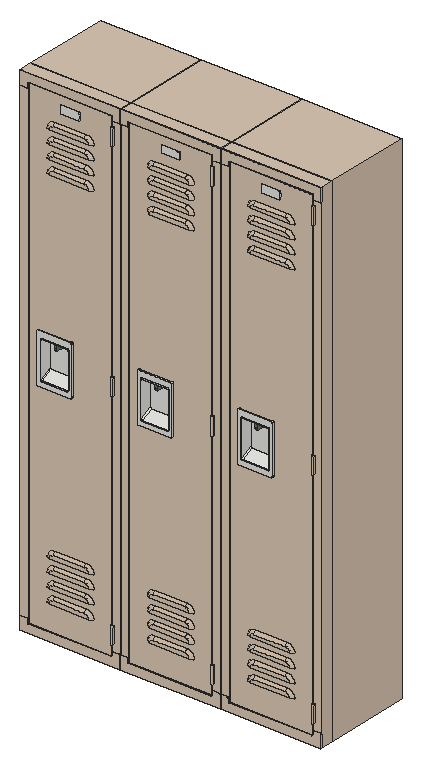
Revit family "Locker_SalsburyInd_Metal-1-Tier-Triple", category Specialty Equipment, Revit 2022 (continued)
Definition of nested family "ML_Front Base"
  Reference planes (in)
    plane 4 "Floor": z = 0
    plane 5 "Top of Enclosure": z = 6
    plane 6 "Front of Enclosure": y = -6.005
    plane 7 "Right Side of Enclosure": x = 5
    plane 8 "Left Side of Enclosure": x = -5
    plane 9 "Back of Enclosure": y = -4.82
  Forms (in)
    Extrusion 1, solid, material <- "Finish", visible <- "Visible"
      sketch origin (0, -6.005, 0) x (1, 0, 0) y (0, 0, 1)
        loop
          line (-5, 6) -> (-5, 0) -> (5, 0) -> (5, 6) -> (-5, 6)
      from -1.185 to 0
  Dimensions and locks (in)
    "Height": plane 5 "Top of Enclosure" to plane 4 "Floor"
    plane 6 "Front of Enclosure" to plane 1 "Center (Front/Back)" = 0.588"
    "Depth": plane 6 "Front of Enclosure" to plane 9 "Back of Enclosure"
    equal spacing: plane 8 "Left Side of Enclosure", plane 3 "Center (Left/Right)", plane 7 "Right Side of Enclosure"
    "Width": plane 8 "Left Side of Enclosure" to plane 7 "Right Side of Enclosure"
    aligned and locked: level to plane 2
    aligned and locked: Extrusion 1 to plane 7 "Right Side of Enclosure"
  Automatic sketch dimensions
    Extrusion 1 sketch curve to Extrusion 1 sketch curve = 10.000"
    Extrusion 1 sketch curve to Extrusion 1 sketch curve = 6.000"
    Extrusion 1 sketch curve to level = 0.000"
    plane 8 "Left Side of Enclosure" to Extrusion 1 sketch curve = 0.000"
Definition of nested family "ML_Base Type"
  Parameters (values of type "No Legs")
    Zee = no
    Width [instance] = 12.000"
    Version = "1.0 (11/30/15)"
    Type Comments = "No Legs"
    Model = "n/a"
    MasterFormat Title = ""
    MasterFormat Number = ""
    Manufacturer = "Salsbury Industries"
    Legs = no
    Finish [instance] = none
    Description = ""
    Depth [instance] = 12.010"
    Default Elevation = 0.000"
    Assembly Code = ""
  Types (3): name | Zee | Width | Legs
    No Legs | no | 12.000" | no
    Legs | no | 12.040" | yes
    Zee | yes | 12.040" | no
  Reference planes (in)
    plane 1 "Center (Front/Back)": y = 0
    plane 2: z = 0
    plane 3 "Center (Left/Right)": x = 0
    plane 4 "Floor": z = 0
    plane 5 "Left Side of Unit": x = -6
    plane 6 "Right Side of Unit": x = 6
    plane 7 "Back of Unit": y = 6.005
    plane 8 "Front of Unit": y = -6.005
    plane 9 "Right Side of Door Opening": x = 5.12
    plane 10 "Left Side of Door Opening": x = -5.12
    plane 11 "Back Edge of Front Facing": y = -4.417
    plane 12 "Inside Edge of Front Leg": x = -4.56
    plane 13 "Inside Edge of Right Leg": x = 4.56
    plane 14: y = -4.82
    plane 15 "Back Edge of Rear Legs": y = 6.005
    plane 16 "Right Edge of Rear Right Leg": x = 6
    plane 17 "Left Edge or Rear Left Leg": x = -6
    plane 18: y = 5.005
    plane 19 "Inside Edge or Rear Right Leg": x = 5
    plane 20 "Inside Edge or Left Rear Leg": x = -5
  Forms (in)
    Extrusion 1, solid, material <- "Finish", visible <- "Legs"
      sketch origin (0, 0, 0) x (0, -1, 0) y (1, 0, 0)
        loop
          line (4.417, 6) -> (4.417, 5.94) -> (5.945, 5.94) -> (5.945, 5.06) -> (4.76, 5.06) -> (4.76, 4.56) -> (4.82, 4.56) -> (4.82, 5) -> (6.005, 5) -> (6.005, 6) -> (4.417, 6)
      from 0 to 6
    Extrusion 2, solid, material <- "Finish", visible <- "Legs"
      sketch origin (0, 0, 0) x (0, -1, 0) y (1, 0, 0)
        loop
          line (4.417, -6) -> (6.005, -6) -> (6.005, -5) -> (4.82, -5) -> (4.82, -4.56) -> (4.76, -4.56) -> (4.76, -5.06) -> (5.945, -5.06) -> (5.945, -5.94) -> (4.417, -5.94) -> (4.417, -6)
      from 0 to 6
    Extrusion 3, solid, material <- "Finish", visible <- "Legs"
      sketch origin (0, 0, 0) x (0, -1, 0) y (1, 0, 0)
        loop
          line (-6.005, 6) -> (-6.005, 5) -> (-5.945, 5) -> (-5.945, 5.94) -> (-5.005, 5.94) -> (-5.005, 6) -> (-6.005, 6)
      from 0.06 to 6.185
    Extrusion 4, solid, material <- "Finish", visible <- "Zee"
      sketch origin (0, 0, 0) x (0, -1, 0) y (1, 0, 0)
        loop
          line (-6.005, 6) -> (-6.005, 5) -> (-5.005, 5) -> (-5.005, 6) -> (-6.005, 6)
      from 0 to 0.06
    Extrusion 5, solid, material <- "Finish", visible <- "Legs"
      sketch origin (0, 0, 0) x (0, -1, 0) y (1, 0, 0)
        loop
          line (-6.005, -6) -> (-5.005, -6) -> (-5.005, -5.94) -> (-5.945, -5.94) -> (-5.945, -5) -> (-6.005, -5) -> (-6.005, -6)
      from 0.06 to 6.185
    Extrusion 6, solid, material <- "Finish", visible <- "Zee"
      sketch origin (0, 0, 0) x (0, -1, 0) y (1, 0, 0)
        loop
          line (-6.005, -6) -> (-5.005, -6) -> (-5.005, -5) -> (-6.005, -5) -> (-6.005, -6)
      from 0 to 0.06
    Extrusion 7, solid, material <- "Finish", visible <- "Zee"
      sketch origin (0, 0, 0) x (0, -1, 0) y (1, 0, 0)
        loop
          line (-6.005, 6) -> (-6.005, 5) -> (-5.945, 5) -> (-5.945, 5.94) -> (-5.005, 5.94) -> (-5.005, 6) -> (-6.005, 6)
      from 0.06 to 4.185
    Extrusion 8, solid, material <- "Finish", visible <- "Legs"
      sketch origin (0, 0, 0) x (0, -1, 0) y (1, 0, 0)
        loop
          line (-6.005, 6) -> (-6.005, 5) -> (-5.005, 5) -> (-5.005, 6) -> (-6.005, 6)
      from 0 to 0.06
    Extrusion 9, solid, material <- "Finish", visible <- "Zee"
      sketch origin (0, 0, 0) x (0, -1, 0) y (1, 0, 0)
        loop
          line (-6.005, -6) -> (-5.005, -6) -> (-5.005, -5.94) -> (-5.945, -5.94) -> (-5.945, -5) -> (-6.005, -5) -> (-6.005, -6)
      from 0.06 to 4.185
    Extrusion 10, solid, material <- "Finish", visible <- "Legs"
      sketch origin (0, 0, 0) x (0, -1, 0) y (1, 0, 0)
        loop
          line (-6.005, -6) -> (-5.005, -6) -> (-5.005, -5) -> (-6.005, -5) -> (-6.005, -6)
      from 0 to 0.06
    Extrusion 11, solid, material <- "Finish", visible <- "Zee"
      sketch origin (0, 0, 0) x (0, 1, 0) y (0, 0, 1)
        loop
          line (-6.005, 4) -> (-6.005, 3.94) -> (-4.417, 3.94) -> (-4.417, 0) -> (-2.769, 0) -> (-2.769, 0.06) -> (-4.357, 0.06) -> (-4.357, 4) -> (-6.005, 4)
      from -6 to 6
  Dimensions and locks (in)
    equal spacing: plane 5 "Left Side of Unit", plane 3 "Center (Left/Right)", plane 6 "Right Side of Unit"
    "Width": plane 5 "Left Side of Unit" to plane 6 "Right Side of Unit"
    equal spacing: plane 8 "Front of Unit", plane 1 "Center (Front/Back)", plane 7 "Back of Unit"
    "Depth": plane 8 "Front of Unit" to plane 7 "Back of Unit"
    plane 5 "Left Side of Unit" to plane 10 "Left Side of Door Opening" = 0.880"
    plane 9 "Right Side of Door Opening" to plane 6 "Right Side of Unit" = 0.880"
    locked: plane 8 "Front of Unit" to plane 11 "Back Edge of Front Facing" at 1.588
    plane 10 "Left Side of Door Opening" to plane 12 "Inside Edge of Front Leg" = 0.560"
    plane 13 "Inside Edge of Right Leg" to plane 9 "Right Side of Door Opening" = 0.560"
    plane 8 "Front of Unit" to plane 14 = 1.185"
    plane 13 "Inside Edge of Right Leg" to plane 19 "Inside Edge or Rear Right Leg" to plane 9 "Right Side of Door Opening" to plane 16 "Right Edge of Rear Right Leg" to plane 6 "Right Side of Unit" = 0.440", 0.120", 0.880", 0.000"
    plane 5 "Left Side of Unit" to plane 17 "Left Edge or Rear Left Leg" to plane 10 "Left Side of Door Opening" to plane 20 "Inside Edge or Left Rear Leg" to plane 12 "Inside Edge of Front Leg" = 0.000", 0.880", 0.120", 0.440"
    plane 18 to plane 15 "Back Edge of Rear Legs" to plane 7 "Back of Unit" = 1.000" locked, 0.000" locked
    aligned and locked: level to plane 2
    aligned and locked: Extrusion 3 to Extrusion 4
    aligned and locked: Extrusion 6 to Extrusion 5
    aligned and locked: Extrusion 3 to plane 16 "Right Edge of Rear Right Leg"
    aligned and locked: Extrusion 3 to plane 15 "Back Edge of Rear Legs"
    aligned and locked: Extrusion 5 to plane 17 "Left Edge or Rear Left Leg"
    aligned and locked: Extrusion 5 to plane 15 "Back Edge of Rear Legs"
    aligned and locked: Extrusion 7 to Extrusion 8
    aligned and locked: Extrusion 10 to Extrusion 9
    aligned and locked: Extrusion 11 to plane 6 "Right Side of Unit"
    aligned and locked: plane 5 "Left Side of Unit" to Extrusion 11
  Automatic sketch dimensions
    plane 15 "Back Edge of Rear Legs" to Extrusion 3 sketch curve = 0.000"
    Extrusion 3 sketch curve to plane 19 "Inside Edge or Rear Right Leg" = 0.000"
    Extrusion 3 sketch curve to plane 16 "Right Edge of Rear Right Leg" = 0.000"
    plane 18 to Extrusion 3 sketch curve = 0.000"
    plane 15 "Back Edge of Rear Legs" to Extrusion 3 sketch curve = 0.060"
    plane 16 "Right Edge of Rear Right Leg" to Extrusion 3 sketch curve = 0.060"
    plane 15 "Back Edge of Rear Legs" to Extrusion 4 sketch curve = 0.000"
    Extrusion 4 sketch curve to plane 16 "Right Edge of Rear Right Leg" = 0.000"
    plane 18 to Extrusion 4 sketch curve = 0.000"
    Extrusion 4 sketch curve to plane 19 "Inside Edge or Rear Right Leg" = 0.000"
    plane 15 "Back Edge of Rear Legs" to Extrusion 5 sketch curve = 0.000"
    Extrusion 5 sketch curve to plane 20 "Inside Edge or Left Rear Leg" = 0.000"
    Extrusion 5 sketch curve to plane 17 "Left Edge or Rear Left Leg" = 0.000"
    plane 18 to Extrusion 5 sketch curve = 0.000"
    Extrusion 5 sketch curve to plane 15 "Back Edge of Rear Legs" = 0.060"
    Extrusion 5 sketch curve to plane 17 "Left Edge or Rear Left Leg" = 0.060"
    plane 15 "Back Edge of Rear Legs" to Extrusion 6 sketch curve = 0.000"
    Extrusion 6 sketch curve to plane 17 "Left Edge or Rear Left Leg" = 0.000"
    plane 18 to Extrusion 6 sketch curve = 0.000"
    Extrusion 6 sketch curve to plane 20 "Inside Edge or Left Rear Leg" = 0.000"
    plane 15 "Back Edge of Rear Legs" to Extrusion 7 sketch curve = 0.000"
    Extrusion 7 sketch curve to plane 19 "Inside Edge or Rear Right Leg" = 0.000"
    Extrusion 7 sketch curve to plane 16 "Right Edge of Rear Right Leg" = 0.000"
    plane 18 to Extrusion 7 sketch curve = 0.000"
    plane 15 "Back Edge of Rear Legs" to Extrusion 7 sketch curve = 0.060"
    plane 16 "Right Edge of Rear Right Leg" to Extrusion 7 sketch curve = 0.060"
    plane 15 "Back Edge of Rear Legs" to Extrusion 8 sketch curve = 0.000"
    Extrusion 8 sketch curve to plane 16 "Right Edge of Rear Right Leg" = 0.000"
    plane 18 to Extrusion 8 sketch curve = 0.000"
    Extrusion 8 sketch curve to plane 19 "Inside Edge or Rear Right Leg" = 0.000"
    plane 15 "Back Edge of Rear Legs" to Extrusion 9 sketch curve = 0.000"
    Extrusion 9 sketch curve to plane 20 "Inside Edge or Left Rear Leg" = 0.000"
    Extrusion 9 sketch curve to plane 17 "Left Edge or Rear Left Leg" = 0.000"
    plane 18 to Extrusion 9 sketch curve = 0.000"
    Extrusion 9 sketch curve to plane 15 "Back Edge of Rear Legs" = 0.060"
    Extrusion 9 sketch curve to plane 17 "Left Edge or Rear Left Leg" = 0.060"
    plane 15 "Back Edge of Rear Legs" to Extrusion 10 sketch curve = 0.000"
    Extrusion 10 sketch curve to plane 17 "Left Edge or Rear Left Leg" = 0.000"
    plane 18 to Extrusion 10 sketch curve = 0.000"
    Extrusion 10 sketch curve to plane 20 "Inside Edge or Left Rear Leg" = 0.000"
    Extrusion 11 sketch curve to plane 8 "Front of Unit" = 0.000"
    Extrusion 11 sketch curve to level = 0.000"
    Extrusion 11 sketch curve to plane 11 "Back Edge of Front Facing" = 0.000"
    Extrusion 11 sketch curve to plane 11 "Back Edge of Front Facing" = 0.060"
    Extrusion 11 sketch curve to Extrusion 11 sketch curve = 1.588"
    level to Extrusion 11 sketch curve = 0.060"
    Extrusion 11 sketch curve to Extrusion 11 sketch curve = 0.060"
    Extrusion 11 sketch curve to Extrusion 11 sketch curve = 3.880"
    plane 11 "Back Edge of Front Facing" to Extrusion 2 sketch curve = 0.000"
    Extrusion 2 sketch curve to plane 12 "Inside Edge of Front Leg" = 0.000"
    plane 14 to Extrusion 2 sketch curve = 0.000"
    Extrusion 2 sketch curve to plane 5 "Left Side of Unit" = 0.000"
    plane 8 "Front of Unit" to Extrusion 2 sketch curve = 0.000"
    Extrusion 2 sketch curve to plane 20 "Inside Edge or Left Rear Leg" = 0.000"
    plane 14 to Extrusion 2 sketch curve = 0.060"
    plane 8 "Front of Unit" to Extrusion 2 sketch curve = 0.060"
    plane 10 "Left Side of Door Opening" to Extrusion 2 sketch curve = 0.060"
    plane 5 "Left Side of Unit" to Extrusion 2 sketch curve = 0.060"
    plane 11 "Back Edge of Front Facing" to Extrusion 1 sketch curve = 0.000"
    Extrusion 1 sketch curve to plane 13 "Inside Edge of Right Leg" = 0.000"
    plane 14 to Extrusion 1 sketch curve = 0.000"
    Extrusion 1 sketch curve to plane 6 "Right Side of Unit" = 0.000"
    plane 8 "Front of Unit" to Extrusion 1 sketch curve = 0.000"
    Extrusion 1 sketch curve to plane 19 "Inside Edge or Rear Right Leg" = 0.000"
    Extrusion 1 sketch curve to plane 14 = 0.060"
    Extrusion 1 sketch curve to plane 8 "Front of Unit" = 0.060"
    plane 9 "Right Side of Door Opening" to Extrusion 1 sketch curve = 0.060"
    plane 6 "Right Side of Unit" to Extrusion 1 sketch curve = 0.060"
Definition of nested family "ML_Base Side"
  Parameters (values of type "Zee Base Corner")
    Zee Corner = yes
    Zee = no
    Width including Rivet [instance] = 1.290"
    Leg = no
    Locker Depth [instance] = 12.010"
    Version = "1.0 (11/30/15)"
    Type Comments = "End Base for Standard Metal Lockers"
    Model = ""
    MasterFormat Title = ""
    MasterFormat Number = ""
    Manufacturer = "Salsbury Industries"
    Finish [instance] = none
    Description = ""
    Width = 4.000"
    Height = 4.000"
    Default Elevation = 0.000"
    Assembly Code = ""
  Types (4): name | Zee Corner | Zee | Leg | Locker Depth
    Leg Side Base Cover | no | no | yes | 10.362"
    Zee Base Cover | no | yes | no | 12.010"
    None | yes | no | no | 10.362"
    Zee Base Corner | yes | no | no | 12.010"
  Reference planes (in)
    plane 1 "Center (Front/Back)": y = 0
    plane 2: z = 0
    plane 3 "Center (Left/Right)": x = 3.99
    plane 4 "Floor": z = 0
    plane 5 "Locker Edge": x = 5.99
    plane 6 "Left Edge of Enclosure": y = -4.357
    plane 7 "Right Edge of Enclosure": y = 6.005
    plane 8 "Bottom Edge of Enclosure": z = 0.06
    plane 9 "Left Edge of Base": x = 1.99
    plane 10: y = -6.005
  Forms (in)
    Extrusion 1, solid, material <- "Finish", visible <- "Zee"
      sketch origin (0, 0, 0) x (0, -1, 0) y (1, 0, 0)
        loop
          line (-6.005, 1.99) -> (4.357, 1.99) -> (4.357, 5.99) -> (-6.005, 5.99) -> (-6.005, 1.99)
      from 0.06 to 4
    Extrusion 2, solid, material <- "Finish", visible <- "Leg"
      sketch origin (5.99, 0.794, 0) x (0, 0, -1) y (0, -1, 0)
        loop
          line (-6, 5.211) -> (-6, -4.211) -> (-0.06, -4.211) -> (-0.06, 5.211) -> (-6, 5.211)
      from 0 to 1.25
    Extrusion 3, solid, material <- "Finish", visible <- "Zee Corner"
      sketch origin (6.99, -5.357, 0) x (1, 0, 0) y (0, 1, 0)
        loop
          line (-1, 1) -> (-1, 0.94) -> (0.94, 0.94) -> (0.94, -1) -> (1, -1) -> (1, 1) -> (-1, 1)
      from 0 to 3.94
  Dimensions and locks (in)
    "Width": plane 9 "Left Edge of Base" to plane 5 "Locker Edge"
    equal spacing: plane 9 "Left Edge of Base", plane 3 "Center (Left/Right)", plane 5 "Locker Edge"
    locked: plane 4 "Floor" to plane 8 "Bottom Edge of Enclosure" at 0.06
    equal spacing: plane 10, plane 1 "Center (Front/Back)", plane 7 "Right Edge of Enclosure"
    "Locker Depth": plane 10 to plane 7 "Right Edge of Enclosure"
    locked: plane 6 "Left Edge of Enclosure" to plane 10 at 1.648
    locked: plane 10 to Extrusion 2 sketch curve at 1.588
    locked: Extrusion 2 sketch curve to plane 7 "Right Edge of Enclosure" at 1
    aligned and locked: level to plane 2
    aligned and locked: Extrusion 1 to plane 7 "Right Edge of Enclosure"
    aligned and locked: plane 8 "Bottom Edge of Enclosure" to Extrusion 1
    aligned and locked: Extrusion 1 sketch curve to plane 9 "Left Edge of Base"
  Automatic sketch dimensions
    Extrusion 1 sketch curve to plane 5 "Locker Edge" = 0.000"
    plane 7 "Right Edge of Enclosure" to Extrusion 1 sketch curve = 0.000"
    Extrusion 1 sketch curve to plane 6 "Left Edge of Enclosure" = 0.000"
    level to Extrusion 2 sketch curve = 0.060"
    Extrusion 2 sketch curve to plane 8 "Bottom Edge of Enclosure" = 5.940"
    Extrusion 3 sketch curve to plane 5 "Locker Edge" = 0.000"
    plane 6 "Left Edge of Enclosure" to Extrusion 3 sketch curve = 0.000"
    plane 6 "Left Edge of Enclosure" to Extrusion 3 sketch curve = 0.060"
    Extrusion 3 sketch curve to Extrusion 3 sketch curve = 1.940"
    Extrusion 3 sketch curve to Extrusion 3 sketch curve = 0.060"
    Extrusion 3 sketch curve to plane 10 = 0.352"
Definition of nested family "ML_End Panel"
  Parameters (values of type "Double")
    controldepth [instance] = if(Single End Panel, Depth, Depth * 2)  # 24.020"
    Width = 0.925"
    Visible = yes
    Version = "1.0 (11/30/15)"
    Type Comments = "Finished Double End Panel for Standard Metal Lockers"
    Single End Panel = no
    Model = ""
    MasterFormat Title = ""
    MasterFormat Number = ""
    Manufacturer = "Salsbury Industries"
    Height [instance] = 60.000"
    Finish [instance] = none
    Description = "Double End Panel"
    Depth [instance] = 12.010"
    Default Elevation = 0.000"
    Base Height [instance] = 0.750"
    Assembly Code = ""
  Types (3): name | controldepth | Visible | Type Comments | Single End Panel | Model | Height | Description
    Single | 12.010" | yes | "Finished End Panel for Standard Metal Lockers" | yes | "" | 60.000" | "End Panel"
    None | 12.010" | no | "Finished End Panel for Standard Metal Lockers" | yes | "n/a" | 72.000" | ""
    Double | 24.020" | yes | "Finished Double End Panel for Standard Metal Lockers" | no | "" | 60.000" | "Double End Panel"
  Reference planes (in)
    plane 1 "Center (Front/Back)": y = -2.167
    plane 2: z = 0
    plane 3 "Center (Left/Right)": x = -4.595
    plane 4 "Bottom of Panel": z = 0
    plane 5 "Top of Panel": z = 60
    plane 6 "Front of Panel": y = -14.177
    plane 7 "Right Side of Enclosure": x = -4.1325
    plane 8 "Left Side of Enclosure": x = -5.0575
    plane 9 "Back of Panel": y = 9.843
    plane 10: z = 30
    plane 11: z = 58.283
    plane 12: z = 1.717
    plane 13 "Outside Edge of Front Flap": y = -14.23714
    plane 14 "Outside Edge of Back Flap": y = 9.903
    plane 15: z = -0.75
  Forms (in)
    Extrusion 1, solid, material <- "Finish", visible <- "Visible"
      sketch origin (-4.1325, 0.48244, 0) x (0, 0, -1) y (0, -1, 0)
        loop
          line (-60, 14.71958) -> (-60, -9.42056) -> (0.75, -9.42056) -> (0.75, 14.71958) -> (-60, 14.71958)
      from 0 to -0.06
    Extrusion 2, solid, material <- "Finish", visible <- "Visible"
      sketch origin (0, 9.843, 0) x (0, 0, -1) y (1, 0, 0)
        loop
          line (-60, -5.0575) -> (0.75, -5.0575) -> (0.75, -4.1325) -> (-60, -4.1325) -> (-60, -5.0575)
      from 0 to -0.06
    Extrusion 3, solid, material <- "Finish", visible <- "Visible"
      sketch origin (0, -14.177, 0) x (1, 0, 0) y (0, 0, 1)
        loop
          line (-5.0575, 58.283) -> (-5.0575, 1.717) -> (-4.1325, 1.717) -> (-4.1325, 58.283) -> (-5.0575, 58.283)
      from 0.06014 to 0
  Dimensions and locks (in)
    equal spacing: plane 6 "Front of Panel", plane 1 "Center (Front/Back)", plane 9 "Back of Panel"
    "controldepth": plane 6 "Front of Panel" to plane 9 "Back of Panel"
    equal spacing: plane 8 "Left Side of Enclosure", plane 3 "Center (Left/Right)", plane 7 "Right Side of Enclosure"
    "Width": plane 8 "Left Side of Enclosure" to plane 7 "Right Side of Enclosure"
    locked: plane 5 "Top of Panel" to plane 11 at 1.717
    locked: plane 13 "Outside Edge of Front Flap" to plane 6 "Front of Panel" at 0.06014
    locked: plane 9 "Back of Panel" to plane 14 "Outside Edge of Back Flap" at 0.06
    "Base Height": level to plane 15
    locked: plane 12 to level at 1.717
    equal spacing: plane 5 "Top of Panel", plane 10, level
    "Height": plane 5 "Top of Panel" to level
    aligned and locked: level to plane 2
    aligned and locked: plane 5 "Top of Panel" to Extrusion 1 sketch curve
    aligned and locked: plane 5 "Top of Panel" to Extrusion 2 sketch curve
    aligned and locked: Extrusion 2 to plane 9 "Back of Panel"
    aligned and locked: plane 11 to Extrusion 3 sketch curve
    aligned and locked: plane 6 "Front of Panel" to Extrusion 3
    aligned and locked: plane 14 "Outside Edge of Back Flap" to Extrusion 2
    aligned and locked: Extrusion 1 to plane 14 "Outside Edge of Back Flap"
    aligned and locked: plane 13 "Outside Edge of Front Flap" to Extrusion 3
    aligned and locked: plane 7 "Right Side of Enclosure" to Extrusion 2
    aligned and locked: Extrusion 3 to plane 7 "Right Side of Enclosure"
    aligned and locked: Extrusion 1 to plane 15
    aligned and locked: Extrusion 2 to plane 15
  Automatic sketch dimensions
    Extrusion 1 sketch curve to level = 0.750"
    Extrusion 2 sketch curve to level = 0.750"
    plane 8 "Left Side of Enclosure" to Extrusion 2 sketch curve = 0.000"
    plane 7 "Right Side of Enclosure" to Extrusion 2 sketch curve = 0.000"
    plane 8 "Left Side of Enclosure" to Extrusion 3 sketch curve = 0.000"
    Extrusion 3 sketch curve to plane 12 = 0.000"
    plane 7 "Right Side of Enclosure" to Extrusion 3 sketch curve = 0.000"
    Extrusion 1 sketch curve to plane 14 "Outside Edge of Back Flap" = 0.000"
    plane 6 "Front of Panel" to Extrusion 1 sketch curve = 0.06014"
Definition of nested family "ML_Front Filler"
  Parameters (values of type "Width as Specified")
    Width [instance] = 9.000"
    Visible = yes
    Version = "1.0 (11/30/15)"
    Type Comments = "Vertical Front Filler for Standard Metal Lockers"
    Model = ""
    MasterFormat Title = ""
    MasterFormat Number = ""
    Manufacturer = "Salsbury Industries"
    Height [instance] = 60.000"
    Finish [instance] = none
    Description = "Vertical Front Filler"
    Depth = 1.000"
    Default Elevation = 48.000"
    Base Height [instance] = 3.000"
    Assembly Code = ""
  Types (2): name | Width | Visible | Model | Height | Description | Depth
    None | 15.000" | no | "n/a" | 78.000" | "" | 1.500"
    Width as Specified | 9.000" | yes | "" | 60.000" | "Vertical Front Filler" | 1.000"
  Reference planes (in)
    plane 1 "Center (Front/Back)": y = -2.167
    plane 2: z = 0
    plane 3 "Center (Left/Right)": x = -4.595
    plane 4 "Bottom of Filler": z = 0
    plane 5 "Top of Panel": z = 63
    plane 6 "Front of Filler": y = -2.667
    plane 7 "Right Side of Filler": x = -0.095
    plane 8 "Left Side of Filler": x = -9.095
    plane 9 "Back of Filler": y = -1.667
    plane 10: z = 33
    plane 11: z = 3
  Forms (in)
    Extrusion 1, solid, material <- "Finish", visible <- "Visible"
      sketch origin (0, 0, 0) x (0, -1, 0) y (1, 0, 0)
        loop
          line (1.667, -9.095) -> (2.667, -9.095) -> (2.667, -1.095) -> (2.619, -1.095) -> (2.619, -9.047) -> (1.667, -9.047) -> (1.667, -9.095)
      from 0 to 63
    Extrusion 2, solid, material <- "Finish", visible <- "Visible"
      sketch origin (0, -0.20425, 0) x (0, -1, 0) y (1, 0, 0)
        loop
          line (1.55875, -0.095) -> (1.55875, -0.143) -> (2.51075, -0.143) -> (2.51075, -0.82524) -> (2.36675, -0.82524) -> (2.36675, -1.80024) -> (2.41475, -1.80024) -> (2.41475, -1.095) -> (2.46275, -1.095) -> (2.46275, -1.595) -> (2.55875, -1.595) -> (2.55875, -0.095) -> (1.55875, -0.095)
      from 0 to 63
  Dimensions and locks (in)
    equal spacing: plane 6 "Front of Filler", plane 1 "Center (Front/Back)", plane 9 "Back of Filler"
    "Depth": plane 6 "Front of Filler" to plane 9 "Back of Filler"
    equal spacing: plane 8 "Left Side of Filler", plane 3 "Center (Left/Right)", plane 7 "Right Side of Filler"
    "Width": plane 8 "Left Side of Filler" to plane 7 "Right Side of Filler"
    "Height": plane 5 "Top of Panel" to plane 11
    equal spacing: plane 5 "Top of Panel", plane 10, plane 11
    "Base Height": plane 11 to level
    locked: Extrusion 1 sketch curve to plane 7 "Right Side of Filler" at 1
    Extrusion 2 sketch curve to Extrusion 2 sketch curve to Extrusion 2 sketch curve to Extrusion 2 sketch curve to plane 7 "Right Side of Filler" = 0.20524" locked, 0.500" locked, 0.26976" locked, 0.73024" locked
    aligned and locked: level to plane 2
    aligned and locked: Extrusion 1 to plane 5 "Top of Panel"
    aligned and locked: Extrusion 2 to plane 5 "Top of Panel"
  Automatic sketch dimensions
    plane 9 "Back of Filler" to Extrusion 1 sketch curve = 0.000"
    plane 6 "Front of Filler" to Extrusion 1 sketch curve = 0.000"
    Extrusion 1 sketch curve to plane 8 "Left Side of Filler" = 0.000"
    Extrusion 1 sketch curve to plane 6 "Front of Filler" = 0.048"
    Extrusion 1 sketch curve to Extrusion 1 sketch curve = 0.048"
    Extrusion 2 sketch curve to plane 7 "Right Side of Filler" = 0.000"
    plane 6 "Front of Filler" to Extrusion 2 sketch curve = 0.000"
    Extrusion 2 sketch curve to plane 6 "Front of Filler" = 0.048"
    Extrusion 2 sketch curve to Extrusion 2 sketch curve = 0.048"  (x2)
    plane 9 "Back of Filler" to Extrusion 2 sketch curve = 0.096"
    Extrusion 2 sketch curve to Extrusion 2 sketch curve = 0.096"
    plane 7 "Right Side of Filler" to Extrusion 2 sketch curve = 0.048"
Definition of nested family "ML_Top Filler"
  Parameters (values of type "Flat Top In-Line")
    Width [instance] = 15.000"
    Version = "1.0 (11/30/15)"
    Type Comments = "Flat Top In-Line Filler for Standard Metal Lockers"
    Sloped Height [instance] = if(Depth = 12.000", 6.625", if(Depth = 15.000", 8.682", if(Depth = 18.000", 10.739", 0.000")))  # 6.625"
    SlopeInline = no
    SlopeCorner = no
    Model = ""
    MasterFormat Title = ""
    MasterFormat Number = ""
    Manufacturer = "Salsbury Industries"
    FlatInline = yes
    FlatCorner = no
    Finish [instance] = none
    Description = "Flat Top In-Line Filler"
    Depth [instance] = 12.000"
    Default Elevation = 48.000"
    Corner Width [instance] = Depth + 0.625"  # 12.625"
    Assembly Code = ""
  Types (5): name | Type Comments | SlopeInline | SlopeCorner | FlatInline | FlatCorner | Description
    None | "Top Filler for Standard Metal Lockers" | no | no | no | no | "Top Filler"
    Sloped In-Line | "Sloping Hood In-Line Filler for Standard Metal Lockers" | yes | no | no | no | "Sloping Hood In-Line Filler"
    Flat Top In-Line | "Flat Top In-Line Filler for Standard Metal Lockers" | no | no | yes | no | "Flat Top In-Line Filler"
    Flat Top Corner | "Flat Top Corner Filler for Standard Metal Lockers" | no | no | no | yes | "Flat Top Corner Filler"
    Sloped Corner | "Sloping Hood Corner Filler for Standard Metal Lockers" | no | yes | no | no | "Sloping Hood Corner Filler"
  Reference planes (in)
    plane 1 "Center (Front/Back)": y = -2.167
    plane 2: z = 0
    plane 3 "Center (Left/Right)": x = -4.595
    plane 4 "Bottom of Panel": z = 0
    plane 5 "Front of Panel": y = -8.167
    plane 6 "Right Side of Enclosure": x = 10.405
    plane 7 "Back of Panel": y = 3.833
    plane 8: z = 6.625
    plane 9: y = -8.2295
    plane 10: x = -5.22
  Forms (in)
    Extrusion 1, solid, material <- "Finish", visible <- "SlopeInline"
      sketch origin (-4.595, 0, 0) x (0, 1, 0) y (0, 0, 1)
        loop
          line (-8.2775, 0.04551) -> (-8.2775, -1.028) -> (-8.2295, -1.028) -> (-8.2295, 0) -> (3.833, 6.625) -> (3.833, 6.69688) -> (-8.2775, 0.04551)
      from 0 to 15
    Extrusion 2, solid, material <- "Finish", visible <- "FlatInline"
      sketch origin (-4.595, 0.26285, 0) x (0, 1, 0) y (0, 0, 1)
        loop
          line (-8.54035, -1.028) -> (-8.49235, -1.028) -> (-8.49235, 0) -> (3.57015, 0) -> (3.57015, 0.048) -> (-8.54035, 0.048) -> (-8.54035, -1.028)
      from 0 to 15
    Extrusion 3, solid, material <- "Finish", visible <- "FlatCorner"
      sketch origin (6.3125, -0.3125, 0) x (0, -1, 0) y (1, 0, 0)
        loop
          line (7.8545, -11.5325) -> (7.8545, -10.9075) -> (8.4795, -10.9075) -> (8.4795, 1.0925) -> (-4.1455, 1.0925) -> (-4.1455, -11.5325) -> (7.8545, -11.5325)
      from 0 to 0.048
    Extrusion 4, solid, material <- "Finish", visible <- "SlopeCorner"
      sketch origin (-5.22, -180, 0.048) x (0, 0, 1) y (0, -1, 0)
        loop
          line (-0.00249, -171.7225) -> (-0.048, -171.7225) -> (-0.048, -171.7705) -> (6.577, -183.833) -> (6.64888, -183.833) -> (-0.00249, -171.7225)
      from 0 to 12.625 <- "Corner Width"
    Extrusion 5, solid, material <- "Finish", visible <- "SlopeCorner"
      sketch origin (0.34565, 3.833, -4.20312) x (0, 0, -1) y (1, 0, 0)
        loop
          line (-4.24872, -5.05115) -> (-4.20312, -5.05115) -> (-4.20312, -5.00315) -> (-10.82812, 7.05935) -> (-10.90008, 7.05935) -> (-4.24872, -5.05115)
      from 0 to 12.625 <- "Corner Width"
    Extrusion 6, void
      sketch origin (0, 0, 0) x (0, -1, 0) y (1, 0, 0)
        loop
          line (-3.833, -5.22) -> (8.792, -5.22) -> (-3.833, 7.405) -> (-3.833, -5.22)
      from -1.028 to 21.6885
    Extrusion 7, void
      sketch origin (3.572, -3.572, 0) x (-1, 0, 0) y (0, -1, 0)
        loop
          line (-3.833, 5.22) -> (-3.833, -7.405) -> (8.2775, 4.7055) -> (8.2775, 5.22) -> (-3.833, 5.22)
      from 19.08316 to -2.57539
  Cuts and joins
    Extrusion 7 cuts Extrusion 4
    Extrusion 6 cuts Extrusion 5
  Dimensions and locks (in)
    equal spacing: plane 5 "Front of Panel", plane 1 "Center (Front/Back)", plane 7 "Back of Panel"
    "Depth": plane 5 "Front of Panel" to plane 7 "Back of Panel"
    "Width": plane 3 "Center (Left/Right)" to plane 6 "Right Side of Enclosure"
    "Sloped Height": plane 8 to level
    locked: plane 9 to plane 5 "Front of Panel" at 0.0625
    locked: Extrusion 1 sketch curve to Extrusion 1 sketch curve at 0.063
    locked: Extrusion 1 sketch curve to plane 9 at 0.048
    Extrusion 2 sketch curve to plane 9 to Extrusion 2 sketch curve = 0.048" locked, 0.000" locked
    "Corner Width": Extrusion 3 sketch curve to plane 7 "Back of Panel"
    "Corner Width": Extrusion 3 sketch curve to Extrusion 3 sketch curve
    locked: Extrusion 3 sketch curve to plane 3 "Center (Left/Right)" at 0.625
    locked: Extrusion 4 sketch curve to plane 9 at 0.048
    locked: Extrusion 4 sketch curve to Extrusion 4 sketch curve at 0.063
    locked: plane 3 "Center (Left/Right)" to plane 10 at 0.625
    "Corner Width": plane 10 to Extrusion 6 sketch curve
    "Corner Width": Extrusion 6 sketch curve to plane 7 "Back of Panel"
    "Corner Width": Extrusion 7 sketch curve to plane 7 "Back of Panel"
    "Corner Width": plane 10 to Extrusion 7 sketch curve
    "Corner Width": Extrusion 5 sketch curve to plane 10
    locked: Extrusion 5 sketch curve to Extrusion 5 sketch curve at 0.06308
    plane 3 "Center (Left/Right)" to Extrusion 5 sketch curve to Extrusion 5 sketch curve = 0.0625" locked, 0.048" locked
    locked: Extrusion 7 sketch curve to plane 3 "Center (Left/Right)" at 0.1105
    aligned and locked: level to plane 2
    aligned and locked: Extrusion 1 to plane 6 "Right Side of Enclosure"
    aligned and locked: Extrusion 1 to plane 3 "Center (Left/Right)"
    aligned and locked: plane 8 to Extrusion 1 sketch curve
    aligned and locked: Extrusion 1 sketch curve to plane 7 "Back of Panel"
    aligned and locked: level to Extrusion 1 sketch curve
    aligned and locked: Extrusion 1 sketch curve to plane 9
    aligned and locked: plane 7 "Back of Panel" to Extrusion 2 sketch curve
    aligned and locked: Extrusion 2 to plane 3 "Center (Left/Right)"
    aligned and locked: Extrusion 2 to plane 6 "Right Side of Enclosure"
    aligned and locked: plane 3 "Center (Left/Right)" to Extrusion 3 sketch curve
    aligned and locked: Extrusion 3 sketch curve to plane 5 "Front of Panel"
    aligned and locked: plane 9 to Extrusion 4 sketch curve
    aligned and locked: Extrusion 4 sketch curve to level
    aligned and locked: plane 8 to Extrusion 4 sketch curve
    aligned and locked: plane 7 "Back of Panel" to Extrusion 4 sketch curve
    aligned and locked: Extrusion 5 sketch curve to level
    aligned and locked: Extrusion 6 sketch curve to plane 7 "Back of Panel"
    aligned and locked: Extrusion 6 sketch curve to plane 10
    aligned and locked: plane 8 to Extrusion 5 sketch curve
  Automatic sketch dimensions
    Extrusion 1 sketch curve to level = 1.028"
    Extrusion 2 sketch curve to level = 0.000"
    Extrusion 2 sketch curve to level = 1.028"
    level to Extrusion 2 sketch curve = 0.048"
    plane 7 "Back of Panel" to Extrusion 3 sketch curve = 0.000"
    plane 7 "Back of Panel" to Extrusion 7 sketch curve = 0.000"
    plane 9 to Extrusion 7 sketch curve = 0.048"
